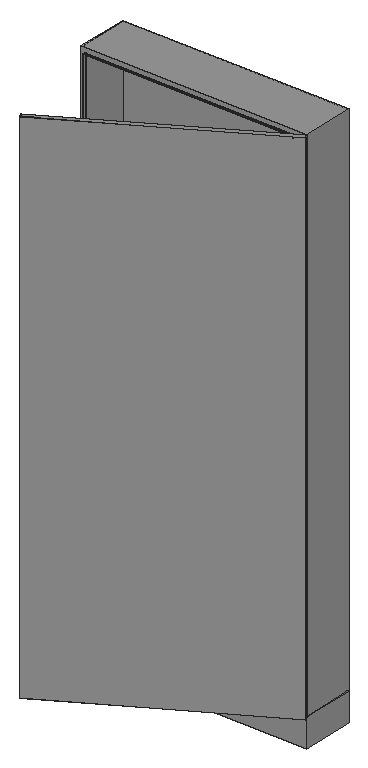
Revit family "Hager-Univers-IP54-D205-H1950-Cl.II-Encl-NoHosted-PT-pt", category Electrical Equipment, Revit 2020
Family settings
  Panel Configuration = Two Columns, Circuits Across
  Round Connector Dimension = Use Diameter
  Part Type = Panelboard
  Work Plane-Based = Yes
  Always vertical = Yes
  Cut with Voids When Loaded = No
  Shared = No
  Room Calculation Point = No
Parameters (values of type "Instalação de piso IP54 L800 A1950 P205  - FP23SW2")
  Width Control [instance] = if([EF000008 - Largura] > Min Width, [EF000008 - Largura], Min Width)  # 800 mm
  Type Comments = [HG000003 - Gama]  # "Univers"
  Thickness Door [instance] = if([EF009171 - Espessura do material da porta/tampa] > 3 mm, 3 mm, [EF009171 - Espessura do material da porta/tampa])  # 1 mm
  Seal Frame Offset [instance] = 17 mm  # constant formula
  Plinth Visibility [instance] = [HG000027 - Altura da Plinta] > 0 mm  # yes
  Min Width [instance] = 100 mm  # constant formula
  Min Depth [instance] = (2 * [EF009170 - Espessura do material do invólucro]) + 1 mm  # 3 mm
  Min Height [instance] = 100 mm  # constant formula
  Internal Frame Depth [instance] = (Door System Depth * 0.5)  # 9 mm
  Panel Name [instance] = ""  # (empty or 0)
  Model = ""
  HG000027 - Altura da Plinta = 100 mm
  HG000026 - Instalação no chão = yes
  HG000024 - Altura da secção inferior = 600 mm
  HG000023 - Recinto de secção dupla = no
  HG000016 - Visibilidade da porta 3D [instance] = yes
  HG000015 - Visibilidade através da porta [instance] = no
  HG000014 - Porta à direita [instance] = yes
  HG000013 - Porta à esquerda [instance] = not([HG000014 - Porta à direita])  # no
  HG000012 - Ângulo de abertura de porta [instance] = 30.00°
  HG000010 - Portas assimétricas = no
  HG000009 - Porta dupla = no
  HG000006 - Encastrado = no
  HG000004 - Referência do Fabricante = "FP23SW2"
  HG000003 - Gama = "Univers"
  HG000002 - Com porta ou tampa = yes
  Frame Offset Bottom [instance] = 10 mm  # constant formula
  Frame Offset [instance] = 15 mm  # constant formula
  EF015940 - Tampa com libertação de sobrepressão = no
  EF011959 - Grau de proteção (NEMA) = ""
  EF009554 - Número de aberturas para placas de flange = 6
  EF009212 - Tipo de tampa = "EV000116 - Fechado"
  EF009171 - Espessura do material da porta/tampa = 1 mm
  EF009170 - Espessura do material do invólucro = 1 mm
  EF008873 - Corrente nominal (In) = 400 A
  EF007800 - Adequado para proteção contra raios = no
  EF006306 - Com fecho = no
  EF006244 - Tampa/porta transparente = no
  EF005474 - Grau de proteção (IP) = "EV006419 - IP54"
  EF004464 - Tipo de porta = "EV002646 - Único"
  EF004427 - Número de módulos = 432
  EF004293 - Força de impacto = "EV006815 - IK09"
  EF003532 - Adequado para uso no exterior = no
  EF002950 - Largura em número de módulos = 36
  EF001613 - Integridade do circuito = "EV000494 - Nenhum"
  EF001596 - Material do corpo = "EV000179 - Aço"
  EF001131 - Profundidade interior = 143 mm
  EF001088 - Extensão possível = yes
  EF000437 - Número de entradas de condutores = 6
  EF000339 - Tipo de difusor = "EV001012 - Tampa"
  EF000266 - Número de linhas = 12
  EF000218 - Profundidade incorporada = 0 mm
  EF000118 - Com tampa de montagem = no
  EF000116 - Número RAL = "9010"
  EF000049 - Profundidade = 205 mm
  EF000040 - Altura = 1950 mm
  EF000008 - Largura = 800 mm
  EF000007 - Cor = "EV000202 - Branco"
  EF000003 - Método de montagem = "EV012274 - Instalação de piso"
  Door System Leaf Tolerance [instance] = 1.5 mm  # constant formula
  Door System Depth [instance] = 18 mm  # constant formula
  Door Height [instance] = Height Control - [HG000027 - Altura da Plinta]  # 1850 mm
  Description = ""
  Default Elevation = 1219.2 mm
  Connector Offset [instance] = Height Control / 2  # 975 mm
  Manufacturer = "Hager"  # constant formula
  Height Control [instance] = if([EF000040 - Altura] > Min Height, [EF000040 - Altura], Min Height)  # 1950 mm
  Depth Control [instance] = if([EF000049 - Profundidade] > Min Depth, [EF000049 - Profundidade], Min Depth)  # 205 mm
  Bottom Top Plate Trim [instance] = 1.5 mm  # constant formula
  Plinth height Ctrl [instance] = if([HG000027 - Altura da Plinta] > 0 mm, [HG000027 - Altura da Plinta], 12 mm)  # 100 mm
Types (5, lengths in mm): name | Width Control | HG000010 - Portas assimétricas | HG000009 - Porta dupla | HG000004 - Referência do Fabricante | EF009554 - Número de aberturas para placas de flange | EF008873 - Corrente nominal (In) | EF004464 - Tipo de porta | EF004427 - Número de módulos | EF002950 - Largura em número de módulos | EF001131 - Profundidade interior | EF000437 - Número de entradas de condutores | EF000008 - Largura
  Instalação de piso IP54 L1050 A1950 P205  - FP24SW2 | 1050 | no | yes | "FP24SW2" | 8 | 400 A | "EV003602 - Duplo" | 576 | 48 | 143 | 8 | 1050
  Instalação de piso IP54 L1300 A1950 P205  - FP25SW2 | 1300 | yes | yes | "FP25SW2" | 10 | 400 A | "EV003602 - Duplo" | 720 | 60 | 130 | 10 | 1300
  Instalação de piso IP54 L300 A1950 P205  - FP21SW2 | 300 | no | no | "FP21SW2" | 2 | 250 A | "EV002646 - Único" | 144 | 12 | 143 | 2 | 300
  Instalação de piso IP54 L550 A1950 P205  - FP22SW2 | 550 | no | no | "FP22SW2" | 4 | 400 A | "EV002646 - Único" | 288 | 24 | 143 | 4 | 550
  Instalação de piso IP54 L800 A1950 P205  - FP23SW2 | 800 | no | no | "FP23SW2" | 6 | 400 A | "EV002646 - Único" | 432 | 36 | 143 | 6 | 800
Reference planes
  plane 1 "Center (Front/Back)": y = 0
  plane 2: z = 0
  plane 3 "Center (Left/Right)": x = 0
  plane 4: y = 0
  plane 5: y = 0
  plane 6: z = 0
  plane 7: x = -400
  plane 8: x = 400
  plane 9: x = 399
  plane 10: x = -399
  plane 11: z = 100
  plane 12: z = 101
  plane 13: y = -205
  plane 14: y = -1
  plane 15: x = 0
  plane 16: y = -187
  plane 17: y = -204
  plane 18: y = -186
  plane 19: x = -384
  plane 20: x = 384
  plane 21: z = 111
  plane 22: x = -383
  plane 23: x = 383
  plane 24: z = 100
  plane 25: z = 1950
  plane 26: z = 1950
  plane 27: z = 1934
  plane 28: z = 1949
Forms (mm)
  Extrusion 1, solid, material "Hager_Steel_RAL7035_Light_Grey", detail levels medium+fine
    sketch origin (-208.679, -4572, 100) x (-1, 0, 0) y (0, -1, 0)
      loop
        line (191.321, -4385) -> (-608.679, -4385) -> (-608.679, -4572) -> (191.321, -4572) -> (191.321, -4385)
    from 0 to 1850
  Extrusion 2, void
    sketch origin (-350.771, -205, 1219.2) x (1, 0, 0) y (0, 0, 1)
      loop
        line (-48.229, 729.8) -> (-48.229, -1118.2) -> (749.771, -1118.2) -> (749.771, 729.8) -> (-48.229, 729.8)
    from -19 to -204
  Extrusion 3, void
    sketch origin (-290.084, -187, 1219.2) x (1, 0, 0) y (0, 0, 1)
      loop
        line (-93.916, -1108.2) -> (674.084, -1108.2) -> (674.084, 714.8) -> (-93.916, 714.8) -> (-93.916, -1108.2)
    from 0 to -1
  Extrusion 4, solid, material "Hager_Steel_RAL7035_Light_Grey", visible <- "Plinth Visibility", detail levels medium+fine
    sketch origin (0, 0, 0) x (1, 0, 0) y (0, 1, 0)
      loop
        line (-400, 0) -> (-400, -187) -> (400, -187) -> (400, 0) -> (-400, 0)
    from 0 to 100 <- "Plinth height Ctrl"
  Extrusion 5, solid, material "Hager_Steel_RAL7035_Light_Grey", detail levels coarse
    sketch origin (0, 0, 0) x (1, 0, 0) y (0, 1, 0)
      loop
        line (-400, 0) -> (-400, -205) -> (400, -205) -> (400, 0) -> (-400, 0)
    from 0 to 1950 <- "Height Control"
  Sweep 6, void
    path in 3D
      loop
        line (-400, -187, 100) -> (400, -187, 100) -> (400, 0, 100) -> (-400, 0, 100) -> (-400, -187, 100)
    profile origin (-400, -93.5, 100) x (1, 0, 0) y (0, 0, 1)
      loop
        line (0, 0) -> (0, -1.5) -> (1.5, -1.5)
        arc (1.5, -1.5) -> (1.061, -0.439) -> (0, 0) r 1.5
  Extrusion 7, solid, material "Hager_Steel_RAL7035_Light_Grey", detail levels fine
    sketch origin (-400, -187, 100) x (1, 0, 0) y (0, 0, 1)
      loop
        line (16, 11) -> (784, 11) -> (784, 1834) -> (16, 1834) -> (16, 11)
      loop
        line (15, 10) -> (785, 10) -> (785, 1835) -> (15, 1835) -> (15, 10)
    from 0 to 9 <- "Internal Frame Depth"
Cuts and joins
  Extrusion 2, Extrusion 3 cuts Extrusion 1
  Sweep 6 cuts Extrusion 4
Lines and regions (mm)
  Masking region 1
    outline origin (0, 0, 0) x (1, 0, 0) y (0, 1, 0)
      loop
        line (-400, 0) -> (-400, -205) -> (400, -205) -> (400, 0) -> (-400, 0)
  Masking region 2, detail levels coarse
    outline origin (-290.084, -187, 1219.2) x (-1, 0, 0) y (0, 0, 1)
      loop
        line (-690.084, -1219.2) -> (109.916, -1219.2) -> (109.916, 730.8) -> (-690.084, 730.8) -> (-690.084, -1219.2)
  Masking region 3, detail levels coarse
    outline origin (0, 0, 0) x (0, 1, 0) y (0, 0, 1)
      loop
        line (0, 0) -> (0, 1950) -> (-205, 1950) -> (-205, 0) -> (0, 0)
  Masking region 4, visible <- "Plinth Visibility", detail levels medium+fine
    outline origin (0, 0, 0) x (0, 1, 0) y (0, 0, 1)
      loop
        line (-1.5, 100) -> (-185.5, 100)
        arc (-185.5, 100) -> (-185.939, 98.939) -> (-187, 98.5) r 1.5
        line (-187, 98.5) -> (-187, 0) -> (0, 0) -> (0, 98.5)
        arc (0, 98.5) -> (-1.061, 98.939) -> (-1.5, 100) r 1.5
  Masking region 5, detail levels medium+fine
    outline origin (0, 0, 594.038) x (0, 1, 0) y (0, 0, 1)
      loop
        line (0, -494.038) -> (0, 1355.962) -> (-187, 1355.962) -> (-187, -494.038) -> (0, -494.038)
  Masking region 6, detail levels medium+fine
    outline origin (-359.7, -187, 1211.883) x (-1, 0, 0) y (0, 0, 1)
      loop
        line (-759.7, -1111.883) -> (40.3, -1111.883) -> (40.3, 738.117) -> (-759.7, 738.117) -> (-759.7, -1111.883)
  Masking region 7, visible <- "Plinth Visibility", detail levels medium+fine
    outline origin (-320.334, -187, 1041.368) x (-1, 0, 0) y (0, 0, 1)
      loop
        line (-720.334, -1041.368) -> (79.666, -1041.368) -> (79.666, -942.868)
        arc (79.666, -942.868) -> (78.606, -942.429) -> (78.166, -941.368) r 1.5
        line (78.166, -941.368) -> (-718.834, -941.368)
        arc (-718.834, -941.368) -> (-719.273, -942.429) -> (-720.334, -942.868) r 1.5
        line (-720.334, -942.868) -> (-720.334, -1041.368)
  sketch lines
    curve 1: line (-400, 0, 100) -> (-400, -187, 100)
    curve 2: line (-400, -187, 100) -> (400, -187, 100)
    curve 3: line (400, 0, 100) -> (-400, 0, 100)
    curve 4: line (400, -187, 100) -> (400, 0, 100)
Dimensions and locks
  locked: plane 1 "Center (Front/Back)" to plane 5
  "EF009170 - Espessura do material do invólucro": plane 7 to plane 10
  "EF009170 - Espessura do material do invólucro": plane 8 to plane 9
  equal spacing: plane 7, plane 3 "Center (Left/Right)", plane 8
  "Width Control": plane 7 to plane 8
  "Depth Control": plane 4 to plane 13
  "EF009170 - Espessura do material do invólucro": plane 4 to plane 14
  "Height Control": plane 25 to level
  "HG000027 - Altura da Plinta": plane 11 to level
  "EF009170 - Espessura do material do invólucro": plane 12 to plane 11
  "EF009170 - Espessura do material do invólucro": plane 17 to plane 13
  "EF009170 - Espessura do material do invólucro": plane 18 to plane 16
  "Frame Offset Bottom": plane 21 to plane 12
  "Frame Offset": plane 10 to plane 19
  "Frame Offset": plane 9 to plane 20
  "Door System Depth": plane 16 to plane 13
  "Seal Frame Offset": plane 7 to plane 22
  "Seal Frame Offset": plane 8 to plane 23
  "EF009170 - Espessura do material do invólucro": plane 26 to plane 28
  "Frame Offset": plane 28 to plane 27
  "Connector Offset": plane 2 to connector elem
  "Bottom Top Plate Trim": profile plane to Sweep 6 sketch curve
  "Bottom Top Plate Trim": Sweep 6 sketch curve to Sweep 6 sketch curve
  "Plinth height Ctrl": Masking region 4 sketch curve to level
  "Plinth height Ctrl": Masking region 7 sketch curve to level
  "Thickness Door": Extrusion 7 sketch curve to Extrusion 7 sketch curve  (x4)
  "Bottom Top Plate Trim": radius of Sweep 6 sketch curve
  "Bottom Top Plate Trim": radius of Masking region 4 sketch curve  (x2)
  "Bottom Top Plate Trim": radius of Masking region 7 sketch curve  (x2)
  aligned and locked: Extrusion 2 sketch curve to plane 12
  aligned and locked: Extrusion 2 sketch curve to plane 9
  aligned and locked: Extrusion 2 sketch curve to plane 10
  aligned and locked: Extrusion 2 to plane 14
  aligned and locked: Extrusion 1 sketch curve to plane 4
  aligned and locked: plane 8 to Extrusion 1 sketch curve
  aligned and locked: plane 7 to Extrusion 1 sketch curve
  aligned and locked: Extrusion 2 to plane 18
  aligned and locked: Extrusion 3 sketch curve to plane 19
  aligned and locked: plane 20 to Extrusion 3 sketch curve
  aligned and locked: Extrusion 3 to Extrusion 2
  aligned and locked: Extrusion 3 sketch curve to plane 21
  aligned and locked: plane 3 "Center (Left/Right)" to nested 1
  aligned and locked: Extrusion 1 sketch curve to plane 16
  aligned and locked: Extrusion 4 sketch curve to cut or joined group of Extrusion 1, Extrusion 2, Extrusion 3
  aligned and locked: Masking region 1 sketch curve to plane 7
  aligned and locked: Masking region 1 sketch curve to plane 5
  aligned and locked: Masking region 1 sketch curve to plane 8
  aligned and locked: Masking region 2 sketch curve to level
  aligned and locked: level to Masking region 3 sketch curve
  aligned and locked: plane 1 "Center (Front/Back)" to Masking region 3 sketch curve
  aligned and locked: plane 13 to Masking region 3 sketch curve
  aligned and locked: plane 5 to Masking region 4 sketch curve
  aligned and locked: Masking region 2 sketch curve to plane 8
  aligned and locked: Masking region 2 sketch curve to plane 7
  aligned and locked: plane 7 to nested 2
  aligned and locked: nested 2 to plane 5
  aligned and locked: plane 5 to Masking region 5 sketch curve
  aligned and locked: plane 26 to Masking region 5 sketch curve
  aligned and locked: Extrusion 5 sketch curve to plane 8
  aligned and locked: Extrusion 5 sketch curve to plane 7
  aligned and locked: Extrusion 5 sketch curve to plane 5
  aligned and locked: Extrusion 3 sketch curve to plane 27
  aligned and locked: Extrusion 2 sketch curve to plane 28
  aligned and locked: Masking region 2 to plane 25
  aligned and locked: Extrusion 4 to plane 16
  aligned and locked: profile plane to Sweep 6 sketch curve
  aligned and locked: Masking region 5 sketch curve to plane 24
  aligned and locked: level to Masking region 4 sketch curve
  aligned and locked: Masking region 1 to plane 13
  aligned and locked: nested 1 to plane 16
  aligned and locked: Masking region 3 to plane 25
  aligned and locked: plane 16 to Masking region 4 sketch curve
  aligned and locked: Masking region 5 sketch curve to plane 16
  aligned and locked: plane 24 to plane 11
  aligned and locked: plane 26 to plane 25
  aligned and locked: plane 26 to cut or joined group of Extrusion 1, Extrusion 2, Extrusion 3
  aligned and locked: nested 1 to plane 24
  aligned and locked: Extrusion 1 to Extrusion 3
  aligned and locked: Masking region 6 sketch curve to plane 8
  aligned and locked: Masking region 6 sketch curve to plane 24
  aligned and locked: Masking region 6 sketch curve to plane 7
  aligned and locked: Masking region 6 sketch curve to plane 26
  aligned and locked: Masking region 7 sketch curve to plane 7
  aligned and locked: level to Masking region 7 sketch curve
  aligned and locked: Masking region 7 sketch curve to plane 8
  aligned and locked: Extrusion 7 sketch curve to cut or joined group of Extrusion 1, Extrusion 2, Extrusion 3  (x4)
Automatic sketch dimensions
  plane 19 to Extrusion 3 sketch curve = 0 mm
  Extrusion 3 sketch curve to plane 20 = 0 mm
  Extrusion 3 sketch curve to plane 21 = 0 mm
  Extrusion 4 sketch curve to plane 7 = 0 mm
  Extrusion 4 sketch curve to plane 8 = 0 mm
  Extrusion 4 sketch curve to plane 16 = 0 mm
  Masking region 1 sketch curve to plane 13 = 0 mm
  Masking region 2 sketch curve to plane 25 = 0 mm
  Masking region 3 sketch curve to plane 25 = 0 mm
  Extrusion 5 sketch curve to plane 13 = 0 mm
  profile plane to Sweep 6 sketch curve = 0 mm
Nested families
  nested 1: "EC000058_Univers_Door" at (0, -187, 100), Double <- "HG000009 - Porta dupla", Transparent <- "EF006244 - Tampa/porta transparente", Angle <- "HG000012 - Ângulo de abertura de porta", Door_Right <- "HG000014 - Porta à direita", Assymetrical <- "HG000010 - Portas assimétricas", Door <- "HG000002 - Com porta ou tampa", Width_Ctrl <- "Width Control", 3d_Door <- "HG000016 - Visibilidade da porta 3D", Clearance <- "HG000015 - Visibilidade através da porta", Door_Left <- "HG000013 - Porta à esquerda", Width <- "Width Control", Door_Depth <- "Door System Depth", Leaf_Tolerance <- "Door System Leaf Tolerance", Height <- "Door Height", Lock_Visibility <- "EF006306 - Com fecho", Thickness <- "Thickness Door", type "EC000058_Univers_Door", detail levels medium+fine
    with min_wh 3 mm, Width_Ctrl 800 mm, Width 800 mm, Transparent no, Thickness 1 mm, Seal_Material Hager_Rubber, Lock_Visibility no, Lock_Material Hager_Plastic_RAL9005_Jet_Black, Leaf_Width 800 mm, Leaf_Tolerance_External_Sides 0 mm, Leaf_Tolerance 1.5 mm, Leaf_Offset 0 mm, Leaf_Height 1847 mm, Leaf_2_Width 800 mm, Leaf_2_Offset 400 mm, Leaf_1_Width 800 mm, Leaf_1_Offset 400 mm, Height_Ctrl 1850 mm, Height 1850 mm, Glass_Material Hager_Glass, Double_Clearance_Ctrl no, Double no, Door_Right_Ctrl yes, Door_Right yes, Door_Material Hager_Steel_RAL7035_Light_Grey, Door_Left_Ctrl no, Door_Left no, Door_Depth 18 mm, Door yes, Clearance_Material Hager_Clearance, Clearance_Depth 800 mm, Clearance_Ctrl no, Clearance no, Assymetrical no, Angle 30.00°, 3d_Door yes
  nested 2: "Hager_Enclosure_Symbol" at (-400, 0, 0), Height <- "Depth Control", Width <- "Width Control", type "Hager_Enclosure_Symbol"
    with Width_Ctrl 800 mm, Width 800 mm, Height_Ctrl 205 mm, Height 205 mm, A_Width_Int 13.453 mm, A_Width 161.438 mm, A_Height_Ctrl 179.375 mm, A_Height 179.375 mm
Connectors
  electrical at (0, 0, 975)
    settings: on plane 1 "Center (Front/Back)", index 1, voltage 0 V, apparent load 0 VA, apparent load phase1 0 VA, apparent load phase2 0 VA, apparent load phase3 0 VA, power factor 1, load classification "Other", number of poles 1, system type 30, power factor state 1, is connector primary yes, connector utility no, sub classification motor no, connector description ""
Definition of nested family "EC000058_Univers_Door"
  Parameters (values of type "EC000058_Univers_Door")
    min_wh [instance] = (2 * Thickness) + 1 mm  # 11 mm
    Width_Ctrl [instance] = 400 mm
    Width [instance] = 500 mm
    Transparent [instance] = yes
    Thickness [instance] = 5 mm
    Seal_Material [instance] = none
    Lock_Visibility [instance] = yes
    Lock_Material [instance] = none
    Leaf_Width [instance] = if((Width_Ctrl - 2 * Leaf_Tolerance_External_Sides) > 0 mm, (Width_Ctrl - 2 * Leaf_Tolerance_External_Sides), min_wh)  # 400 mm
    Leaf_Tolerance_External_Sides [instance] = 0 mm  # constant formula
    Leaf_Tolerance [instance] = 1.5 mm
    Leaf_Offset [instance] = 0 mm  # constant formula
    Leaf_Height [instance] = if((Height_Ctrl - 2 * Leaf_Tolerance) > 0 mm, (Height_Ctrl - 2 * Leaf_Tolerance), min_wh)  # 497 mm
    Leaf_2_Width [instance] = if(and(and(Double, Assymetrical), Door_Left), (Leaf_Width / 3) - (Leaf_Tolerance / 2), if(and(and(Double, Assymetrical), Door_Right), (Leaf_Width / 3) * 2 - (Leaf_Tolerance / 2), if(and(Double, not(Assymetrical)), (Leaf_Width / 2) - Leaf_Tolerance, Leaf_Width)))  # 400 mm
    Leaf_2_Offset [instance] = if(and(Double, Assymetrical), Leaf_2_Width / 2, if(and(Double, not(Assymetrical)), Leaf_Width / 4, Leaf_Width / 2))  # 200 mm
    Leaf_1_Width [instance] = if(and(and(Double, Assymetrical), Door_Right), (Leaf_Width / 3) - (Leaf_Tolerance / 2), if(and(and(Double, Assymetrical), Door_Left), (Width / 3) * 2 - (Leaf_Tolerance / 2), if(and(Double, not(Assymetrical)), (Leaf_Width / 2) - Leaf_Tolerance, Leaf_Width)))  # 400 mm
    Leaf_1_Offset [instance] = if(and(Double, Assymetrical), Leaf_1_Width / 2, if(and(Double, not(Assymetrical)), Leaf_Width / 4, Leaf_Width / 2))  # 200 mm
    Height_Ctrl [instance] = if(Height > min_wh, Height, min_wh)  # 500 mm
    Height [instance] = 500 mm
    Glass_Material [instance] = none
    Double_Clearance_Ctrl [instance] = and(Double, Clearance)  # no
    Double [instance] = no
    Door_Right_Ctrl [instance] = and(or(Door_Right, Double), Door)  # yes
    Door_Right [instance] = yes
    Door_Material [instance] = none
    Door_Left_Ctrl [instance] = and(or(Door_Left, Double), Door)  # no
    Door_Left [instance] = no
    Door_Depth [instance] = 30 mm
    Door [instance] = yes
    Default Elevation = 1219.2 mm
    Clearance_Material [instance] = none
    Clearance_Depth [instance] = if(Leaf_1_Width > Leaf_2_Width, Leaf_1_Width, Leaf_2_Width)  # 400 mm
    Clearance_Ctrl [instance] = and(not(Double), Clearance)  # yes
    Clearance [instance] = yes
    Assymetrical [instance] = yes
    Angle [instance] = 30.00°
    3d_Door [instance] = yes
  Reference planes
    plane 1 "Center (Front/Back)": y = 0
    plane 2 "Bottom": z = 0
    plane 3 "Center (Left/Right)": x = 0
    plane 4: z = 500
    plane 5: x = -200
    plane 6: x = 200
    plane 7: z = 500
    plane 8: x = -200
    plane 9: z = 0
    plane 10: x = 200
    plane 11: y = 0
    plane 12: z = 1.5
    plane 13: x = -600
    plane 14: y = -400
    plane 15: x = 600
    plane 16: x = 0
    plane 17: x = 0
    plane 18: x = -200
    plane 19: x = 200
    plane 20: z = 498.5
  Forms (mm)
    Extrusion 1, solid, material <- "Clearance_Material", visible <- "Double_Clearance_Ctrl"
      sketch origin (1200, 0, 0) x (1, 0, 0) y (0, 0, -1)
        loop
          line (-1800, -498.5) -> (-600, -498.5) -> (-600, 0) -> (-1800, 0) -> (-1800, -498.5)
      from 0 to -400
  Dimensions and locks
    equal spacing: plane 5, plane 3 "Center (Left/Right)", plane 6
    "Width_Ctrl": plane 5 to plane 6
    "Leaf_Offset": plane 5 to plane 8
    "Leaf_Offset": plane 6 to plane 10
    "Leaf_Offset": plane 9 to level
    "Leaf_Offset": plane 4 to plane 7
    "Height_Ctrl": plane 4 to level
    "Leaf_Tolerance": plane 12 to plane 9
    locked: plane 11 to plane 1 "Center (Front/Back)"
    "Leaf_1_Offset": plane 18 to plane 16
    "Leaf_2_Offset": plane 17 to plane 19
    "Leaf_1_Width": plane 13 to plane 8
    "Leaf_2_Width": plane 10 to plane 15
    "Clearance_Depth": plane 14 to plane 1 "Center (Front/Back)"
    "Leaf_Tolerance_External_Sides": plane 8 to plane 18
    "Leaf_Tolerance_External_Sides": plane 19 to plane 10
    "Leaf_Tolerance": plane 7 to plane 20
    aligned and locked: level to plane 2 "Bottom"
    aligned and locked: nested 1 to plane 16
    aligned and locked: nested 2 to plane 17
    aligned and locked: Extrusion 1 to plane 13
    aligned and locked: plane 15 to Extrusion 1
    aligned and locked: Extrusion 1 to plane 14
    aligned and locked: plane 12 to nested 1
    aligned and locked: nested 2 to plane 12
    aligned and locked: Extrusion 1 to plane 11
    aligned and locked: plane 20 to Extrusion 1
    aligned and locked: nested 2 to plane 11
    aligned and locked: nested 1 to plane 11
  Automatic sketch dimensions
    Extrusion 1 sketch curve to level = 0 mm
    plane 5 to Extrusion 1 sketch curve = 400 mm
    plane 6 to Extrusion 1 sketch curve = 400 mm
    Extrusion 1 sketch curve to plane 4 = 1.5 mm
  Nested families
    nested 1: "EC000058_Univers_Door_Leaf" at (0, 0, 1.5), Width <- "Leaf_1_Width", visible <- "Door_Left_Ctrl", Leaf_Height <- "Leaf_Height", Angle <- "Angle", 3d_Door <- "3d_Door", Transparent <- "Transparent", Clearance Material <- "Clearance_Material", Clearance <- "Clearance_Ctrl", Door_Material <- "Door_Material", Glass_Material <- "Glass_Material", Door_Depth <- "Door_Depth", Lock_Material <- "Lock_Material", Seal_Material <- "Seal_Material", Lock_Visibility <- "Lock_Visibility", Thickness <- "Thickness", type "EC000058_Univers_Door_Leaf"
      with Width 400 mm, Transparent_Glass_Offset 30 mm, Transparent_Ctrl yes, Transparent yes, Thickness 5 mm, Standard no, Seal_Material none, Seal_D2 8 mm, Seal_D1 1 mm, Offset_Internal_Frame 10 mm, Lock_Width 20 mm, Lock_Visibility_3d yes, Lock_Visibility yes, Lock_Thickness_3 3 mm, Lock_Thickness_2 1 mm, Lock_Thickness_1 3 mm, Lock_Radius_Offset_2 16 mm, Lock_Radius_Offset_1 15 mm, Lock_Radius_2 5 mm, Lock_Radius 6 mm, Lock_Offset 5 mm, Lock_Material none, Lock_Height 80 mm, Lock_Cover_Top_Offset_2d 17 mm, Lock_Cover_Height -65 mm, Leaf_Height 497 mm, Internal_Seal_Thickness 8 mm, Internal_Seal_Depth_2 4.5 mm, Internal_Frame_Depth 25 mm, Glass_Thickness -1 mm, Glass_Offset -2 mm, Glass_Material none, Door_Material none, Door_Depth 30 mm, Clearance Material none, Clearance yes, Angle_Ctrl 30.00°, Angle 30.00°, 3d_Door yes
    nested 2: "EC000058_Univers_Door_Leaf" at (0, 0, 1.5) x (-1, 0, 0) z (0, 0, 1), Width <- "Leaf_2_Width", visible <- "Door_Right_Ctrl", Leaf_Height <- "Leaf_Height", Angle <- "Angle", 3d_Door <- "3d_Door", Transparent <- "Transparent", Clearance Material <- "Clearance_Material", Clearance <- "Clearance_Ctrl", Door_Material <- "Door_Material", Glass_Material <- "Glass_Material", Door_Depth <- "Door_Depth", Lock_Material <- "Lock_Material", Seal_Material <- "Seal_Material", Lock_Visibility <- "Lock_Visibility", Thickness <- "Thickness", type "EC000058_Univers_Door_Leaf"
      with Width 400 mm, Transparent_Glass_Offset 30 mm, Transparent_Ctrl yes, Transparent yes, Thickness 5 mm, Standard no, Seal_Material none, Seal_D2 8 mm, Seal_D1 1 mm, Offset_Internal_Frame 10 mm, Lock_Width 20 mm, Lock_Visibility_3d yes, Lock_Visibility yes, Lock_Thickness_3 3 mm, Lock_Thickness_2 1 mm, Lock_Thickness_1 3 mm, Lock_Radius_Offset_2 16 mm, Lock_Radius_Offset_1 15 mm, Lock_Radius_2 5 mm, Lock_Radius 6 mm, Lock_Offset 5 mm, Lock_Material none, Lock_Height 80 mm, Lock_Cover_Top_Offset_2d 17 mm, Lock_Cover_Height -65 mm, Leaf_Height 497 mm, Internal_Seal_Thickness 8 mm, Internal_Seal_Depth_2 4.5 mm, Internal_Frame_Depth 25 mm, Glass_Thickness -1 mm, Glass_Offset -2 mm, Glass_Material none, Door_Material none, Door_Depth 30 mm, Clearance Material none, Clearance yes, Angle_Ctrl 30.00°, Angle 30.00°, 3d_Door yes
  Definition of nested family "EC000058_Univers_Door_Leaf"
    Parameters (values of type "EC000058_Univers_Door_Leaf")
      Width [instance] = 2000 mm
      Transparent_Glass_Offset [instance] = 30 mm
      Transparent_Ctrl [instance] = and(Transparent, [3d_Door])  # yes
      Transparent [instance] = yes
      Thickness [instance] = 5 mm
      Standard [instance] = and(not(Transparent), [3d_Door])  # no
      Seal_Material [instance] = none
      Seal_D2 [instance] = 8 mm  # constant formula
      Seal_D1 [instance] = 1 mm  # constant formula
      Offset_Internal_Frame [instance] = 10 mm  # constant formula
      Lock_Width [instance] = 20 mm  # constant formula
      Lock_Visibility_3d [instance] = and(Lock_Visibility, [3d_Door])  # yes
      Lock_Visibility [instance] = yes
      Lock_Thickness_3 [instance] = 3 mm  # constant formula
      Lock_Thickness_2 [instance] = 1 mm  # constant formula
      Lock_Thickness_1 [instance] = 3 mm  # constant formula
      Lock_Radius_Offset_2 [instance] = Lock_Radius_Offset_1 + 1 mm  # 16 mm
      Lock_Radius_Offset_1 [instance] = 15 mm  # constant formula
      Lock_Radius_2 [instance] = Lock_Radius - 1 mm  # 5 mm
      Lock_Radius [instance] = 6 mm  # constant formula
      Lock_Offset [instance] = 5 mm  # constant formula
      Lock_Material [instance] = none
      Lock_Height [instance] = 80 mm  # constant formula
      Lock_Cover_Top_Offset_2d [instance] = Lock_Radius_Offset_2 + 1 mm  # 17 mm
      Lock_Cover_Height [instance] = -(Lock_Height - Lock_Radius_Offset_1)  # -65 mm
      Leaf_Height [instance] = 2720.336 mm
      Internal_Seal_Thickness [instance] = 8 mm  # constant formula
      Internal_Seal_Depth_2 [instance] = 4.5 mm  # constant formula
      Internal_Frame_Depth [instance] = if(Door_Depth - Thickness > 5 mm, Door_Depth - Thickness, 5 mm)  # 25 mm
      Glass_Thickness [instance] = if(Thickness > 15 mm, Glass_Offset + 10 mm, -1 mm)  # -1 mm
      Glass_Offset [instance] = if(Thickness > 15 mm, -(Thickness + 10 mm) / 2, -2 mm)  # -2 mm
      Glass_Material [instance] = none
      Door_Material [instance] = none
      Door_Depth [instance] = 30 mm
      Default Elevation = 0 mm
      Clearance Material [instance] = none
      Clearance [instance] = yes
      Angle_Ctrl [instance] = if(Angle > 180.00°, 180.00°, Angle)  # 90.00°
      Angle [instance] = 90.00°
      3d_Door [instance] = yes
    Reference planes
      plane 1 "Center (Front/Back)": y = 0
      plane 2: z = 0
      plane 3 "Center (Left/Right)": x = 0
      plane 4: y = 2000
      plane 5: x = -1000
      plane 6: x = 1000
      plane 7: x = -3000
      plane 8: z = 2720.336
      plane 9: z = 30
      plane 10: z = 2690.336
      plane 11: x = 970
      plane 12: x = -970
      plane 13: y = -3
      plane 14: z = 107.833
      plane 15: y = -5
      plane 16: y = -223.314
      plane 17: x = -1000
      plane 18: z = 1360.168
      plane 19: y = 30
    Forms (mm)
      Extrusion 1, solid, material <- "Clearance Material", visible <- "Clearance"
        sketch origin (0, 0, 0) x (1, 0, 0) y (0, 0, 1)
          loop
            line (-3000, 2720.336) -> (-3000, 0) -> (1000, 0) -> (1000, 2720.336) -> (-3000, 2720.336)
        from 0 to -2000
      Extrusion 2, solid, material <- "Door_Material", visible <- "Standard", detail levels medium+fine
        sketch origin (-1000, 0, 0) x (0, 1, 0) y (-1, 0, 0)
          loop
            line (0, 30) -> (0, 25) -> (2000, 25) -> (2000, 30) -> (0, 30)
        from 0 to 2720.336 <- "Leaf_Height"
      Extrusion 3, solid, material <- "Door_Material", visible <- "Transparent_Ctrl", detail levels medium+fine
        sketch origin (-1000, 0, 0) x (0, 1, 0) y (-1, 0, 0)
          loop
            line (0, 25) -> (2000, 25) -> (2000, 30) -> (0, 30) -> (0, 25)
        from 0 to 2720.336 <- "Leaf_Height"
      Extrusion 4, void
        sketch origin (-1025, 2000, 0) x (0, 1, 0) y (0, 0, -1)
          loop
            line (-30, -2690.336) -> (-30, -30) -> (-1970, -30) -> (-1970, -2690.336) -> (-30, -2690.336)
        from 0 to 5 <- "Thickness"
      Sweep 5, solid, material <- "Seal_Material", visible <- "Transparent_Ctrl", detail levels fine
        path in 3D
          loop
            line (-1025, 30, 30) -> (-1025, 30, 2690.336) -> (-1025, 1970, 2690.336) -> (-1025, 1970, 30) -> (-1025, 30, 30)
        profile origin (-1025, 1000, 30) x (1, 0, 0) y (0, 0, 1)
          loop
            line (0, 0) -> (0, -8) -> (1, -8) -> (1, 0) -> (0, 0)
      Extrusion 6, solid, material <- "Glass_Material", visible <- "Transparent_Ctrl", detail levels medium+fine
        sketch origin (-1030, 0, 0) x (0, 1, 0) y (0, 0, -1)
          loop
            line (1970, -2690.336) -> (1970, -30) -> (30, -30) -> (30, -2690.336) -> (1970, -2690.336)
        from -2 <- "Glass_Offset" to -1 <- "Glass_Thickness"
      Extrusion 7, solid, material <- "Door_Material", visible <- "3d_Door", detail levels medium+fine
        sketch origin (-1025, 2000, 0) x (0, -1, 0) y (0, 0, -1)
          loop
            line (0, -2720.336) -> (2000, -2720.336) -> (2000, 0) -> (0, 0) -> (0, -2720.336)
          loop
            line (1995, -5) -> (5, -5) -> (5, -2715.336) -> (1995, -2715.336) -> (1995, -5)
        from 0 to 25 <- "Internal_Frame_Depth"
      Sweep 8, solid, material <- "Seal_Material", visible <- "Transparent_Ctrl", detail levels fine
        path in 3D
          loop
            line (-1025, 0, 0) -> (-1025, 2000, 0) -> (-1025, 2000, 2720.336) -> (-1025, 0, 2720.336) -> (-1025, 0, 0)
        profile origin (-1025, 0, 1360.168) x (1, 0, 0) y (0, 1, 0)
          loop
            line (0, 10) -> (2.975, 10)
            arc (2.975, 10) -> (4.053, 10.447) -> (4.5, 11.525) r 1.525
            line (4.5, 11.525) -> (4.5, 16.527)
            arc (4.5, 16.527) -> (4.069, 17.569) -> (3.027, 18) r 1.473
            line (3.027, 18) -> (0, 18) -> (0, 10)
      Extrusion 9, solid, material <- "Lock_Material", visible <- "Lock_Visibility_3d", detail levels fine
        sketch origin (-1030, 0, 0) x (0, 1, 0) y (0, 0, -1)
          loop
            arc (1993.5, -1400.168) -> (1994.561, -1399.729) -> (1995, -1398.668) r 1.5
            line (1995, -1398.668) -> (1995, -1320.168) -> (1975, -1320.168) -> (1975, -1398.668)
            arc (1975, -1398.668) -> (1975.439, -1399.729) -> (1976.5, -1400.168) r 1.5
            line (1976.5, -1400.168) -> (1993.5, -1400.168)
        from 3 <- "Lock_Thickness_1" to 0
      Blend 10, solid, material <- "Lock_Material", visible <- "Lock_Visibility_3d", detail levels fine
        base sketch origin (-1033, 0, 0) x (0, 1, 0) y (0, 0, -1)
          loop
            line (1975, -1320.168) -> (1975, -1398.668)
            arc (1975, -1398.668) -> (1975.439, -1399.729) -> (1976.5, -1400.168) r 1.5
            line (1976.5, -1400.168) -> (1993.5, -1400.168)
            arc (1993.5, -1400.168) -> (1994.561, -1399.729) -> (1995, -1398.668) r 1.5
            line (1995, -1398.668) -> (1995, -1320.168) -> (1975, -1320.168)
        top sketch origin (-1033, 0, 0) x (0, 1, 0) y (0, 0, -1)
          loop
            line (1976, -1320.168) -> (1976, -1398.668)
            arc (1976, -1398.668) -> (1976.146, -1399.022) -> (1976.5, -1399.168) r 0.5
            line (1976.5, -1399.168) -> (1993.5, -1399.168)
            arc (1993.5, -1399.168) -> (1993.854, -1399.022) -> (1994, -1398.668) r 0.5
            line (1994, -1398.668) -> (1994, -1320.168) -> (1976, -1320.168)
        from 0 to 1 <- "Lock_Thickness_2"
      Blend 11, solid, material <- "Lock_Material", visible <- "Lock_Visibility_3d", detail levels fine
        base sketch origin (-1034, 0, 0) x (0, 1, 0) y (0, 0, -1)
          loop
            line (1978, -1320.168) -> (1978, -1384.168)
            arc (1978, -1384.168) -> (1985, -1391.168) -> (1992, -1384.168) r 7
            line (1992, -1384.168) -> (1992, -1320.168) -> (1978, -1320.168)
        top sketch origin (-1034, 0, 0) x (0, 1, 0) y (0, 0, -1)
          loop
            line (1991, -1320.168) -> (1979, -1320.168) -> (1979, -1383.168)
            arc (1979, -1383.168) -> (1985, -1389.168) -> (1991, -1383.168) r 6
            line (1991, -1383.168) -> (1991, -1320.168)
        from 0 to 3 <- "Lock_Thickness_3"
      Extrusion 12, solid, material <- "Lock_Material", visible <- "Lock_Visibility_3d", detail levels fine
        sketch origin (-1030, 1975, 1320.168) x (1, 0, 0) y (0, -1, 0)
          loop
            line (-7, -19) -> (-7, -1) -> (0, -1) -> (0, 0) -> (-8, 0) -> (-8, -20) -> (0, -20) -> (0, -19) -> (-7, -19)
        from 0 to -65 <- "Lock_Cover_Height"
      Extrusion 13, void
        sketch origin (-1038, 1995, 1320.168) x (-1, 0, 0) y (0, 0, -1)
          loop
            line (-5, -65) -> (0, -65) -> (-5, -60) -> (-5, -65)
        from 0 to 20 <- "Lock_Width"
      Extrusion 14, void
        sketch origin (-1038, 1975, 1320.168) x (0, -1, 0) y (0, 0, -1)
          loop
            circle (-10, -15.995) r 6
          loop
            circle (-10, -15.995) r 5
        from 0 to 2
      Extrusion 15, solid, material <- "Lock_Material", visible <- "Lock_Visibility_3d", detail levels medium
        sketch origin (-1030, 0, 0) x (0, 1, 0) y (0, 0, -1)
          loop
            arc (1993.5, -1400.168) -> (1994.561, -1399.729) -> (1995, -1398.668) r 1.5
            line (1995, -1398.668) -> (1995, -1320.168) -> (1975, -1320.168) -> (1975, -1398.668)
            arc (1975, -1398.668) -> (1975.439, -1399.729) -> (1976.5, -1400.168) r 1.5
            line (1976.5, -1400.168) -> (1993.5, -1400.168)
        from 8 to 0
    Cuts and joins
      Extrusion 4 cuts Extrusion 3
      Extrusion 13, Extrusion 14 cuts Extrusion 9
      Extrusion 14 cuts Blend 11
      Extrusion 13, Extrusion 14 cuts Extrusion 12
      joined: Extrusion 9, Blend 10, Blend 11, Extrusion 12
      Extrusion 14 cuts Extrusion 15
    Lines and regions (mm)
      Masking region 1, visible <- "Lock_Visibility", detail levels fine
        outline origin (0, 0, 0) x (0, 1, 0) y (0, 0, 1)
          loop
            line (30, 1320.168) -> (33, 1320.168) -> (33, 1400.168) -> (30, 1400.168) -> (30, 1320.168)
      Masking region 2, visible <- "Lock_Visibility", detail levels fine
        outline origin (0, 3.143, 0) x (0, 1, 0) y (0, 0, 1)
          loop
            line (29.857, 1354.168) -> (30.857, 1354.168) -> (30.857, 1366.168) -> (29.857, 1366.168) -> (29.857, 1354.168)
      Masking region 3, detail levels medium+fine
        outline origin (0, 0, 0) x (0, 1, 0) y (0, 0, 1)
          loop
            line (0, 0) -> (30, 0) -> (30, 2720.336) -> (0, 2720.336) -> (0, 0)
      Masking region 4, detail levels medium+fine
        outline origin (0, 0, 0) x (1, 0, 0) y (0, 0, 1)
          loop
            line (-1000, 2720.336) -> (-1000, 0) -> (1000, 0) -> (1000, 2720.336) -> (-1000, 2720.336)
      Masking region 5, visible <- "Lock_Visibility", detail levels fine
        outline origin (-47.116, 0, 0) x (1, 0, 0) y (0, 0, 1)
          loop
            arc (1024.616, 1399.168) -> (1023.556, 1398.729) -> (1023.116, 1397.668) r 1.5
            line (1023.116, 1397.668) -> (1023.116, 1320.168) -> (1041.116, 1320.168) -> (1041.116, 1397.668)
            arc (1041.116, 1397.668) -> (1040.677, 1398.729) -> (1039.616, 1399.168) r 1.5
            line (1039.616, 1399.168) -> (1024.616, 1399.168)
      Masking region 6, visible <- "Lock_Visibility", detail levels medium+fine
        outline origin (-25, 0, 0) x (1, 0, 0) y (0, 0, 1)
          loop
            arc (1001.5, 1400.168) -> (1000.439, 1399.729) -> (1000, 1398.668) r 1.5
            line (1000, 1398.668) -> (1000, 1320.168) -> (1020, 1320.168) -> (1020, 1398.668)
            arc (1020, 1398.668) -> (1019.561, 1399.729) -> (1018.5, 1400.168) r 1.5
            line (1018.5, 1400.168) -> (1001.5, 1400.168)
      Masking region 7, visible <- "Lock_Visibility", detail levels fine
        outline origin (-73.735, 0, 0) x (1, 0, 0) y (0, 0, 1)
          loop
            line (1051.735, 1382.168) -> (1065.735, 1382.168) -> (1065.735, 1384.168)
            arc (1065.735, 1384.168) -> (1058.735, 1391.168) -> (1051.735, 1384.168) r 7
            line (1051.735, 1384.168) -> (1051.735, 1382.168)
      Masking region 8, visible <- "Lock_Visibility", detail levels fine
        outline origin (-73.735, 0, 0) x (1, 0, 0) y (0, 0, 1)
          loop
            line (1052.735, 1382.168) -> (1064.735, 1382.168) -> (1064.735, 1383.168)
            arc (1064.735, 1383.168) -> (1058.735, 1389.168) -> (1052.735, 1383.168) r 6
            line (1052.735, 1383.168) -> (1052.735, 1382.168)
      Masking region 9, visible <- "Lock_Visibility", detail levels fine
        outline origin (-25, 0, 0) x (1, 0, 0) y (0, 0, 1)
          loop
            line (1020, 1320.168) -> (1020, 1382.168) -> (1000, 1382.168) -> (1000, 1320.168) -> (1020, 1320.168)
      Masking region 10, detail levels medium+fine
        outline origin (0, 0, 0) x (1, 0, 0) y (0, 0, 1)
          loop
            circle (985, 1335.144) r 6
      Masking region 11, detail levels fine
        outline origin (0, 0, 0) x (1, 0, 0) y (0, 0, 1)
          loop
            circle (985, 1335.144) r 5
      Masking region 12, visible <- "Lock_Visibility", detail levels fine
        outline origin (0, 12.767, 0) x (0, 1, 0) y (0, 0, 1)
          loop
            line (20.233, 1320.168) -> (21.233, 1320.168) -> (21.233, 1399.168) -> (20.233, 1400.168) -> (20.233, 1320.168)
      Masking region 13, visible <- "Lock_Visibility", detail levels fine
        outline origin (0, 13.767, -10) x (0, 1, 0) y (0, 0, 1)
          loop
            line (20.233, 1330.168) -> (23.233, 1330.168) -> (23.233, 1399.168) -> (20.233, 1402.168) -> (20.233, 1330.168)
      Masking region 14, visible <- "Lock_Visibility", detail levels fine
        outline origin (0, 12.767, -10) x (0, 1, 0) y (0, 0, 1)
          loop
            line (20.233, 1330.168) -> (25.233, 1330.168) -> (25.233, 1399.305) -> (20.233, 1394.305) -> (20.233, 1330.168)
      Masking region 15, visible <- "Lock_Visibility", detail levels medium
        outline origin (0, 0, 0) x (0, 1, 0) y (0, 0, 1)
          loop
            line (30, 1320.168) -> (38, 1320.168) -> (38, 1400.168) -> (30, 1400.168) -> (30, 1320.168)
      Masking region 16, visible <- "Lock_Visibility", detail levels fine
        outline origin (-1000, 0, 0) x (0, 1, 0) y (-1, 0, 0)
          loop
            line (1975, 30) -> (1995, 30) -> (1995, 38) -> (1975, 38) -> (1975, 30)
          loop
            line (1979, 37) -> (1976, 37) -> (1976, 34) -> (1978, 34) -> (1979, 37)
          loop
            line (1994, 37) -> (1991, 37) -> (1992, 34) -> (1994, 34) -> (1994, 37)
      Masking region 17, visible <- "Lock_Visibility", detail levels medium
        outline origin (-1000, 0, 0) x (0, 1, 0) y (-1, 0, 0)
          loop
            line (1975, 30) -> (1995, 30) -> (1995, 38) -> (1975, 38) -> (1975, 30)
      symbolic lines
        curve 1: line (1000, 0, 0) -> (-3000, 0, 0)
        curve 2: arc (1000, 0, 0) -> (-1000, 2000, 0) -> (-3000, 0, 0) r 2000
        curve 4: line (-1030, 0, 0) -> (-1030, 2000, 0)
      reference lines
        curve 3: line (-1000, 0, 0) -> (-1000, 2000, 0)
      symbolic lines, detail levels medium+fine
        curve 5: line (-1030, 2000, 0) -> (-1025, 2000, 0)
        curve 7: line (-1025, 0, 0) -> (-1030, 0, 0)
        curve 8: line (-1025, 0, 0) -> (-1000, 0, 0)
        curve 9: line (-1000, 0, 0) -> (-1000, 2000, 0)
        curve 10: line (-1000, 2000, 0) -> (-1025, 2000, 0)
      symbolic lines, detail levels fine
        curve 6: line (-1025, 2000, 0) -> (-1025, 0, 0)
      sketch lines
        curve 11: line (-1025, 0, 2720.336) -> (-1025, 0, 0)
        curve 12: line (-1025, 2000, 0) -> (-1025, 0, 0)
        curve 13: line (-1025, 2000, 2720.336) -> (-1025, 2000, 0)
        curve 14: line (-1025, 0, 2720.336) -> (-1025, 2000, 2720.336)
        curve 15: line (-1025, 1970, 30) -> (-1025, 30, 30)
        curve 16: line (-1025, 30, 30) -> (-1025, 30, 2690.336)
        curve 17: line (-1025, 1970, 2690.336) -> (-1025, 1970, 30)
        curve 18: line (-1025, 30, 2690.336) -> (-1025, 1970, 2690.336)
      symbolic lines, visible <- "Transparent", detail levels medium+fine
        curve 19: line (-970, 0, 2690.336) -> (970, 0, 2690.336)
        curve 20: line (-970, 0, 30) -> (-970, 0, 2690.336)
        curve 21: line (970, 0, 30) -> (-970, 0, 30)
        curve 22: line (970, 0, 2690.336) -> (970, 0, 30)
    Dimensions and locks
      "Width": plane 1 "Center (Front/Back)" to plane 4
      equal spacing: plane 5, plane 3 "Center (Left/Right)", plane 6
      "Width": plane 5 to plane 6
      "Width": plane 7 to plane 5
      "Leaf_Height": plane 8 to level
      "Width": curve 5 to curve 3
      "Width": curve 3 to curve 3
      plane 8 to plane 10 = 30 mm
      plane 9 to level = 30 mm
      plane 12 to plane 5 = 30 mm
      plane 6 to plane 11 = 30 mm
      Extrusion 1 to Extrusion 4 sketch curve = 30 mm
      "Transparent_Glass_Offset": curve 3 to Extrusion 4 sketch curve
      "Transparent_Glass_Offset": Extrusion 4 sketch curve to cut or joined group of Extrusion 3, Extrusion 4  (x2)
      cut or joined group of Extrusion 3, Extrusion 4 to Extrusion 6 sketch curve = 30 mm
      "Transparent_Glass_Offset": cut or joined group of Extrusion 3, Extrusion 4 to Extrusion 4 sketch curve
      "Thickness": curve 6 to curve 4
      "Thickness": Extrusion 7 sketch curve to Extrusion 7 sketch curve  (x4)
      "Door_Depth": curve 4 to curve 3
      "Offset_Internal_Frame": profile plane to Sweep 8 sketch curve
      "Internal_Seal_Thickness": Sweep 8 sketch curve to Sweep 8 sketch curve
      "Internal_Seal_Depth_2": profile plane to Sweep 8 sketch curve
      "Seal_D1": profile plane to Sweep 5 sketch curve
      "Seal_D2": profile plane to Sweep 5 sketch curve
      "Thickness": Extrusion 2 sketch curve to Extrusion 2 sketch curve
      equal spacing: Extrusion 9 sketch curve, plane 18, Extrusion 9 sketch curve  (x2)
      equal spacing: Masking region 1 sketch curve, plane 18, Masking region 1 sketch curve
      "Lock_Height": Masking region 1 sketch curve to Masking region 1 sketch curve
      "Lock_Radius": Masking region 2 sketch curve to plane 18 to Masking region 2 sketch curve
      Masking region 2 sketch curve to Masking region 1 = 1 mm
      "Door_Depth": plane 19 to plane 1 "Center (Front/Back)"
      "Lock_Thickness_1": Masking region 1 sketch curve to plane 19
      "Lock_Width": Extrusion 9 sketch curve to Extrusion 9 sketch curve
      "Lock_Height": Extrusion 9 sketch curve to Extrusion 9 sketch curve
      "Lock_Offset": cut or joined group of Extrusion 3, Extrusion 4 to Extrusion 9 sketch curve
      equal spacing: plane 8, plane 18, level
      "Lock_Radius_Offset_1": Blend 11 sketch curve to Blend 10
      locked: Blend 10 to Blend 11 sketch curve at 2  (x2)
      locked: var sketch to Blend 11 sketch curve at 1  (x2)
      "Lock_Radius_Offset_2": Blend 11 sketch curve to Blend 10
      locked: Extrusion 12 sketch curve to Extrusion 12 sketch curve at 1  (x3)
      Masking region 6 sketch curve to Masking region 6 sketch curve = 80 mm
      "Lock_Height": Masking region 6 sketch curve to Masking region 6 sketch curve
      "Lock_Width": Masking region 6 sketch curve to Masking region 6 sketch curve
      locked: Masking region 6 to Masking region 5 sketch curve at 1  (x3)
      locked: Masking region 5 to Masking region 7 sketch curve at 2  (x2)
      "Lock_Radius_Offset_1": Masking region 5 to Masking region 7 sketch curve
      "Lock_Radius_Offset_2": Masking region 5 to Masking region 8 sketch curve
      locked: Masking region 7 to Masking region 8 sketch curve at 1  (x2)
      "Lock_Cover_Top_Offset_2d": Masking region 5 to Masking region 9 sketch curve
      equal spacing: Masking region 9, Masking region 10 sketch curve, Masking region 9
      equal spacing: Masking region 9, Masking region 11 sketch curve, Masking region 9
      Extrusion 15 sketch curve to Extrusion 15 sketch curve = 80 mm
      "Lock_Width": Extrusion 15 sketch curve to Extrusion 15 sketch curve
      "Lock_Height": Extrusion 15 sketch curve to Extrusion 15 sketch curve
      equal spacing: Extrusion 15 sketch curve, plane 18, Extrusion 15 sketch curve
      "Lock_Thickness_3": Masking region 13 sketch curve to Masking region 13 sketch curve
      "Lock_Height": Masking region 12 sketch curve to Masking region 12 sketch curve
      locked: Masking region 13 sketch curve to Masking region 1 at 8
      locked: Masking region 14 sketch curve to Masking region 13 at 1
      locked: Masking region 14 sketch curve to Masking region 1 at 10.863
      "Lock_Height": Masking region 15 sketch curve to Masking region 15 sketch curve
      "Lock_Offset": Extrusion 15 sketch curve to cut or joined group of Extrusion 3, Extrusion 4
      "Lock_Offset": plane 6 to Masking region 6 sketch curve
      radius of Sweep 8 sketch curve = 1.525 mm
      radius of Sweep 8 sketch curve = 1.473 mm
      radius of Extrusion 9 sketch curve = 1.5 mm  (x2)
      "Lock_Radius": radius of Extrusion 14 sketch curve
      "Lock_Radius_2": radius of Extrusion 14 sketch curve
      "Lock_Radius": radius of Masking region 10 sketch curve
      "Lock_Radius_2": radius of Masking region 11 sketch curve
      radius of Extrusion 15 sketch curve = 1.5 mm  (x2)
      "Angle_Ctrl": angle plane 1 "Center (Front/Back)" to curve 3
      locked: Masking region 12 sketch curve to Masking region 12 sketch curve (angle 45.00°)
      locked: Masking region 13 sketch curve to Masking region 13 sketch curve (angle 45.00°)
      locked: Masking region 14 sketch curve to Masking region 14 sketch curve (angle 45.00°)
      aligned and locked: level to plane 2
      aligned and locked: Extrusion 1 to curve 1
      aligned and locked: plane 6 to Extrusion 1
      aligned and locked: Extrusion 1 to plane 1 "Center (Front/Back)"
      aligned and locked: plane 4 to Extrusion 1
      aligned and locked: plane 8 to Extrusion 1
      aligned and locked: curve 7 to Extrusion 2 sketch curve
      aligned and locked: curve 5 to Extrusion 2 sketch curve
      aligned and locked: curve 7 to Extrusion 3 sketch curve
      aligned and locked: Extrusion 3 sketch curve to curve 4
      aligned and locked: Extrusion 3 sketch curve to curve 6
      aligned and locked: Extrusion 3 sketch curve to curve 5
      aligned and locked: curve 9 to curve 3
      aligned and locked: Extrusion 7 sketch curve to cut or joined group of Extrusion 3, Extrusion 4  (x4)
      aligned and locked: plane 17 to curve 3
      aligned and locked: plane 1 "Center (Front/Back)" to curve 3
      aligned and locked: plane 17 to plane 5
      aligned and locked: Sweep 8 sketch curve to profile plane
      aligned and locked: Sweep 5 sketch curve to profile plane  (x2)
      aligned and locked: Masking region 1 to Masking region 2 sketch curve
      aligned and locked: plane 19 to Masking region 1 sketch curve
      aligned and locked: plane 1 "Center (Front/Back)" to Masking region 3 sketch curve
      aligned and locked: plane 19 to Masking region 3 sketch curve
      aligned and locked: level to Masking region 3 sketch curve
      aligned and locked: Masking region 3 sketch curve to plane 8
      aligned and locked: plane 17 to Masking region 4 sketch curve
      aligned and locked: level to Masking region 4 sketch curve
      aligned and locked: Masking region 4 sketch curve to plane 8
      aligned and locked: plane 12 to curve 20
      aligned and locked: plane 10 to curve 19
      aligned and locked: plane 11 to curve 22
      aligned and locked: curve 21 to plane 9
      aligned and locked: Extrusion 2 sketch curve to cut or joined group of Extrusion 3, Extrusion 4
      aligned and locked: Blend 10 sketch curve to Extrusion 9  (x4)
      aligned and locked: Extrusion 9 to Blend 10 sketch curve
      aligned and locked: Blend 10 to Blend 11 sketch curve
      aligned and locked: Extrusion 12 sketch curve to Blend 11
      aligned and locked: Extrusion 12 sketch curve to Extrusion 9  (x4)
      aligned and locked: Masking region 5 sketch curve to Masking region 6
      aligned and locked: Masking region 9 sketch curve to Masking region 6  (x3)
      aligned and locked: Masking region 12 sketch curve to Masking region 1
      aligned and locked: Masking region 13 sketch curve to Masking region 1
      aligned and locked: Masking region 12 to Masking region 14
      aligned and locked: Masking region 14 sketch curve to Masking region 1
      aligned and locked: Masking region 15 sketch curve to Masking region 14
      aligned and locked: Masking region 13 sketch curve to Masking region 12
      aligned and locked: Masking region 16 sketch curve to cut or joined group of Extrusion 14, Extrusion 15  (x4)
      aligned and locked: Masking region 16 sketch curve to cut or joined group of Extrusion 9, Blend 10, Blend 11, Extrusion 12, Extrusion 13, Extrusion 14  (x6)
      aligned and locked: cut or joined group of Extrusion 9, Blend 10, Blend 11, Extrusion 12, Extrusion 13, Extrusion 14 to Masking region 16 sketch curve
      aligned and locked: Masking region 17 sketch curve to cut or joined group of Extrusion 14, Extrusion 15  (x3)
      aligned and locked: Masking region 17 sketch curve to cut or joined group of Extrusion 9, Blend 10, Blend 11, Extrusion 12, Extrusion 13, Extrusion 14
      aligned and locked: Masking region 9 to Masking region 8 sketch curve
      aligned and locked: Masking region 9 to Masking region 7 sketch curve
    Automatic sketch dimensions
      plane 1 "Center (Front/Back)" to curve 2 = 0 mm
      curve 2 to plane 5 = 0 mm
      Extrusion 1 sketch curve to level = 0 mm
      Extrusion 1 sketch curve to plane 7 = 0 mm
      Extrusion 1 sketch curve to plane 6 = 0 mm
      Extrusion 1 sketch curve to plane 8 = 0 mm
      Extrusion 3 to Extrusion 6 sketch curve = 30 mm  (x4)
      Masking region 4 sketch curve to plane 6 = 0 mm
      Blend 10 sketch curve to Extrusion 9 = 1.5 mm
      Blend 10 sketch curve to Extrusion 9 = 1 mm
      Extrusion 13 sketch curve to Extrusion 12 = 0 mm  (x2)
      Extrusion 12 to Extrusion 13 sketch curve = 3 mm
      Extrusion 13 sketch curve to Extrusion 12 = 5 mm
      Extrusion 14 sketch curve to Extrusion 14 sketch curve = 0 mm  (x2)
      Extrusion 14 sketch curve to Extrusion 12 = 10 mm
      Extrusion 14 sketch curve to Extrusion 12 = 15.995 mm
      Masking region 5 sketch curve to Masking region 5 sketch curve = 1.5 mm  (x2)
      Masking region 10 sketch curve to plane 18 = 25.024 mm
      Masking region 11 sketch curve to plane 18 = 25.024 mm
      plane 19 to Masking region 14 sketch curve = 3 mm
      Masking region 16 sketch curve to Masking region 16 sketch curve = 3 mm
      curve 4 to curve 3 = 0 mm
      Blend 10 to Blend 11 sketch curve = 0 mm
      Masking region 6 sketch curve to Masking region 6 sketch curve = 1.5 mm  (x2)
      Masking region 6 sketch curve to plane 18 = 40 mm
      plane 19 to Masking region 12 sketch curve = 3 mm
      Masking region 12 sketch curve to Masking region 12 sketch curve = 1 mm
      Masking region 15 sketch curve to plane 19 = 0 mm
      Masking region 15 sketch curve to plane 18 = 40 mm
      radius of Blend 10 sketch curve to Extrusion 9 = 1 mm
Definition of nested family "Hager_Enclosure_Symbol"
  Parameters (values of type "Hager_Enclosure_Symbol")
    Width_Ctrl [instance] = if(Width > 1 mm, Width, 1 mm)  # 102.27 mm
    Width [instance] = 102.27 mm
    Height_Ctrl [instance] = if(Height > 1 mm, Height, 1 mm)  # 66.5 mm
    A_Width_Int [instance] = if(A_Width / 12 > 2 mm, A_Width / 12, 2 mm)  # 4.364 mm
    A_Width [instance] = if(A_Height_Ctrl * 0.9 > 2 mm, A_Height_Ctrl * 0.9, 2 mm)  # 52.369 mm
    A_Height_Ctrl [instance] = if(A_Height > 2 mm, A_Height, 2 mm)  # 58.188 mm
    Height [instance] = 66.5 mm
    A_Height [instance] = Height - (Height / 8)  # 58.188 mm
  Reference planes
    plane 1 "Centre (avant/arrière)": y = 0
    plane 2: z = 0
    plane 3 "Centre (gauche/droite)": x = 0
    plane 4: x = 52.369
    plane 5: y = 33.042
    plane 6: y = 41.77
    plane 7: y = 66.5
    plane 8: x = 26.184
    plane 9: y = 37.406
    plane 10: x = 102.27
    plane 11: y = 66.5
    plane 12: y = 8.313
  Lines and regions (mm)
    Filled region 1, type "Solid_Black", in view "Niveau de réf."
      outline origin (0, 0, 0) x (1, 0, 0) y (0, 1, 0)
        loop
          line (52.369, 66.5) -> (33.188, 54.536) -> (45.365, 45.006) -> (52.369, 66.5)
    Filled region 2, type "Solid_Black", in view "Niveau de réf."
      outline origin (0, 0, 0) x (1, 0, 0) y (0, 1, 0)
        loop
          line (0, 0) -> (102.27, 0) -> (102.27, 66.5) -> (0, 0)
    detail lines, in view "Niveau de réf."
      curve 1: line (0, 8.313, 0) -> (26.184, 41.77, 0)
      curve 2: line (26.184, 41.77, 0) -> (26.184, 33.042, 0)
      curve 3: line (26.184, 33.042, 0) -> (52.369, 66.5, 0)
  Dimensions and locks
    "A_Width": plane 3 "Centre (gauche/droite)" to plane 4
    equal spacing: plane 3 "Centre (gauche/droite)", plane 8, plane 4
    equal spacing: plane 6, plane 9, plane 5
    equal spacing: curve 3, Filled region 1 sketch curve, Filled region 1 sketch curve
    "Height_Ctrl": plane 1 "Centre (avant/arrière)" to plane 11
    "A_Height_Ctrl": plane 11 to plane 12
    equal spacing: plane 11, plane 9, plane 12
    "A_Width_Int": plane 6 to plane 9
    "Width_Ctrl": plane 3 "Centre (gauche/droite)" to plane 10
    angle Filled region 1 sketch curve to curve 3 = 20.00°
    angle curve 3 to Filled region 1 sketch curve = 20.00°
    locked: curve 3 to Filled region 1 sketch curve (angle 90.00°)
    aligned and locked: plane 10 to Filled region 2
    aligned and locked: plane 11 to Filled region 2 sketch curve
    aligned and locked: plane 10 to Filled region 2 sketch curve
    aligned and locked: plane 3 "Centre (gauche/droite)" to curve 1
    aligned and locked: plane 12 to curve 1
    aligned and locked: plane 7 to plane 11
  Automatic sketch dimensions
    Filled region 1 sketch curve to plane 4 = 0 mm
    Filled region 1 sketch curve to plane 7 = 0 mm
    plane 1 "Centre (avant/arrière)" to Filled region 2 sketch curve = 0 mm
    Filled region 2 sketch curve to plane 3 "Centre (gauche/droite)" = 0 mm
    curve 2 to plane 6 = 0 mm
    curve 2 to plane 8 = 0 mm
    curve 3 to plane 4 = 0 mm
    curve 2 to plane 5 = 0 mm
    curve 3 to plane 7 = 0 mm
